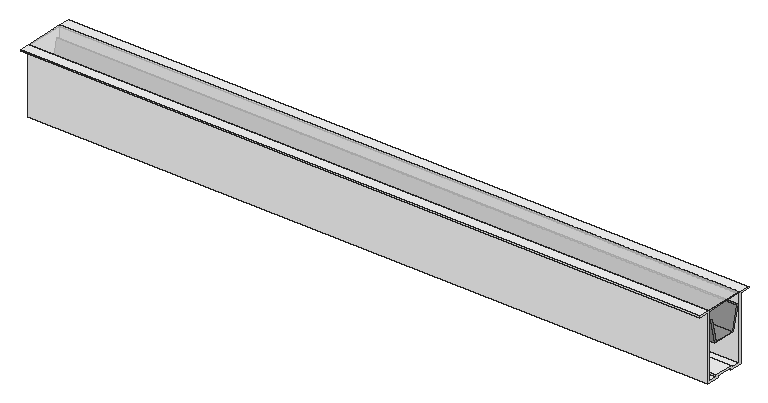
Revit family "2093164 Sylvania Lighting Fixture MC2 TRIM 0-9M 4K DALI WHT OPAL", category Lighting Fixtures, host Face, Revit 2016
Family settings
  Host = Face
  Part Type = Normal
  Round Connector Dimension = Use Diameter
  OmniClass Number = 23.80.70.11.17
  OmniClass Title = Specialized Lighting by Location or Use
  Cut with Voids When Loaded = No
  Light Source = Yes
  Shared = No
  Room Calculation Point = No
Parameters (values of type "2093164 MC2 TRIM 0.9M 4K DALI WHT OPAL")
  Width_SYL = 54.0 mm
  Weight = "1.8 kg"
  Wattage = 16 W
  WarrantyStartDate [instance] = "n/a"
  WarrantyGuarantorParts = "n/a"
  WarrantyDurationUnit = "n/a"
  WarrantyDurationParts = "n/a"
  WarrantyDescription = "n/a"
  built-in parameter 1150110 = 1 (stored number, unit not read)
  Voltage = 0 V
  URL = "http://www.sylvania-lighting.com"
  TypeName = "MC2 TRIM 0.9M 4K DALI WHT OPAL"
  built-in parameter 1114217 = 1 (stored number, unit not read)
  Tilt Angle = -90.00°
  built-in parameter 1150109 = 1 (stored number, unit not read)
  built-in parameter 1150134 = 12
  built-in parameter 1150113 = 1 (stored number, unit not read)
  SerialNumber [instance] = "n/a"
  PowerFactor = 0.95
  PowerConsumption = "16 W"
  NominalWidth = 0.0 mm
  NominalLength = 900.0 mm
  NominalHeight = 86.0 mm
  Name = "MC2 TRIM 0.9M 4K DALI WHT OPAL"
  ModelReference = "MC2 TRIM 0.9M 4K DALI WHT OPAL"
  ModelNumber = "2093164"
  Material_3_SYL = Metal_Sylvania_Mini Contiuum II_Silver
  Photometric Web File = "2093164.ies"
  Material = "aluminium housing, polycarbonate diffuser"
  ManufacturerName = "Feilo Sylvania"
  LuminousEfficacy = "112 lm/W"
  LuminaireType = ""
  LightOutputRatio = "100"
  Length_SYL = 900.0 mm
  LampsType = Lamp  # "LED"
  LampNominalLuminous = "1787 lm"
  LampMacAdamStep = "3"
  LampColourTemperature = "4000 K"
  LampColourRenderingIndex = "80"
  Keynote = "16500"
  InstallationDate [instance] = "n/a"
  InputVoltage = "n/a"
  InputNominalFrequency = "n/a"
  IngressProtection = "IP20"
  ImpactProtectionIndex = "n/a"
  IfcExportType = "IfcLightFixtureType"
  IfcExportAs = "IfcLightFixtureType"
  Height_SYL = 86.0 mm
  ExpectedLife = 50000
  EndCapRight_SYL [instance] = no
  EndCapLeft_SYL [instance] = no
  Emit from Rectangle Width = Width_SYL - 2.0 mm  # 52.0 mm
  Emit from Rectangle Length = Length_SYL  # 900.0 mm
  Emit Shape Visible in Rendering = no
  ElectricShockClassification = "Class I"
  DurationUnit = "hours"
  DocumentationLiterature = "http://www.sylvania-lighting.com/product/en-int/products/2093164"
  DimmingControlOptions = "n/a"
  CreatedOn = "10/15/2018"
  CreatedBy = "@sylvania-lighting.com"
  built-in parameter 1114216 [instance] = 1 (stored number, unit not read)
  Model = "MC2 TRIM 0.9M 4K DALI WHT OPAL"
  Manufacturer = "Feilo Sylvania"  # constant formula
  built-in parameter 1150105 = 142.6 (stored number, unit not read)
  Lumens = 1792 lm
  built-in parameter 1150115 = 1 (stored number, unit not read)
  built-in parameter 1150137 = (empty or 0)
  built-in parameter 1150139 = (empty or 0)
  built-in parameter 1150112 = 1 (stored number, unit not read)
  built-in parameter 1150114 = 1 (stored number, unit not read)
  Lamp = "LED"
  built-in parameter 1150132 = 2
  built-in parameter 1150102 = (empty or 0)
  built-in parameter 1150107 = 4000 (stored number, unit not read)
  built-in parameter 1150138 = (empty or 0)
  built-in parameter 1150106 = 1.426 (stored number, unit not read)
  Material_1_SYL = Metal_Sylvania_Mini Continuum II_White
  built-in parameter 1150104 = 10.405 (stored number, unit not read)
  Dimming Lamp Color Temperature Shift = <None>
  Material_2_SYL = Polycarbonate_Sylvania_Mini Continuum II_Opal_4000K
  Description = "Mini Continuum II introduces a uniquely clean, simple LED lighting system offering continuous, highly uniform lines of light across walls and ceilings. This highly versatile lighting tool can be recessed, semi-recessed, surface-mounted or suspended, either vertically or horizontally. Available as direct/indirect or direct only distribution - both of which can be interconnected. Every batten has a plug and socket arrangement for easy and rapid electrical installation. Mini Continuum II Direct is available in two versions: one with an outside trim detail for plasterboard ceilings; and a trimless version for when a seamless effect is required. Dimmable DALI versions and 3hr non-maintained integral emergency options are available as standard options"  # constant formula
  Default Elevation = 0.0 mm
  Color Filter = 16777215
  built-in parameter 1140040 [instance] = 1
  BarCode [instance] = "n/a"
  built-in parameter 1114218 = 1 (stored number, unit not read)
  built-in parameter 1150133 = 10 (stored number, unit not read)
  AssetType = "Fixed"
  AssetIdentifier [instance] = "n/a"
  Assembly Code = "D5020200"
  Apparent Load = 16 VA
Reference planes
  plane 1 "Center (Front/Back)": y = 0
  plane 2 "Bottom Fixtures": z = 0
  plane 3 "Center (Left/Right)": x = 0
  plane 4 "Fixture Left": x = -450
  plane 5 "Fixture Right": x = 450
  plane 6 "Fixture Bottom": z = 2
  plane 7: z = 0
  plane 8: z = -2
  plane 9: z = -11.049
  plane 10: z = -41.049
  plane 11 "Fixture Top": z = -84
  plane 12: y = 27
  plane 13: y = -27
  plane 14: y = -26
  plane 15: y = -25
  plane 16: y = 26
  plane 17: y = 25
  plane 18: y = 11
  plane 19: y = -11
  plane 20: y = 24
  plane 21: y = 22
  plane 22: y = -22
  plane 23: y = 15
  plane 24: y = -15
  plane 25: y = 40
  plane 26: y = -40
  plane 27: x = -452
  plane 28: x = 452
Forms (mm)
  Extrusion 1, solid, material "Metal_Sylvania_Mini Continuum II_White" <- "Material_1_SYL", detail levels fine
    sketch origin (0, 0, -84) x (0, 1, 0) y (0, 0, 1)
      loop
        line (27, 84) -> (40, 84) -> (40, 86) -> (26, 86) -> (26, 84) -> (25, 84) -> (25, 2) -> (13, 2) -> (13, 4) -> (-13, 4) -> (-13, 2) -> (-25, 2) -> (-25, 84) -> (-26, 84) -> (-26, 86) -> (-40, 86) -> (-40, 84) -> (-27, 84) -> (-27, 0) -> (-11, 0) -> (-11, 2) -> (11, 2) -> (11, 0) -> (27, 0) -> (27, 84)
    from -450 to 450
  Extrusion 2, solid, material "Polycarbonate_Sylvania_Mini Continuum II_Opal_4000K" <- "Material_2_SYL", detail levels fine
    sketch origin (0, 0, -84) x (0, 1, 0) y (0, 0, 1)
      loop
        line (-26, 86) -> (-26, 84) -> (26, 84) -> (26, 86) -> (-26, 86)
    from -450 to 450
  Extrusion 3, solid, material "Metal_Sylvania_Mini Contiuum II_Silver" <- "Material_3_SYL", detail levels fine
    sketch origin (0, 0, -84) x (0, 1, 0) y (0, 0, 1)
      loop
        line (22, 72.951) -> (20.973, 72.951) -> (14.206, 43.951) -> (-14.206, 43.951) -> (-20.973, 72.951) -> (-22, 72.951) -> (-15, 42.951) -> (15, 42.951) -> (22, 72.951)
    from -450 to 450
  Extrusion 4, solid, material "Metal_Sylvania_Mini Continuum II_White" <- "Material_1_SYL", detail levels coarse+medium
    sketch origin (0, 0, -84) x (0, 1, 0) y (0, 0, 1)
      loop
        line (-27, 86) -> (-27, 0) -> (27, 0) -> (27, 86) -> (-27, 86)
    from -450 to 450
  Extrusion 5, solid, material "Metal_Sylvania_Mini Continuum II_White" <- "Material_1_SYL", detail levels coarse+medium
    sketch origin (0, 0, -84) x (0, 1, 0) y (0, 0, 1)
      loop
        line (40, 86) -> (27, 86) -> (27, 84) -> (40, 84) -> (40, 86)
      loop
        line (-27, 86) -> (-40, 86) -> (-40, 84) -> (-27, 84) -> (-27, 86)
    from -450 to 450
  Extrusion 6, void
    sketch origin (0, 0, 0) x (0, 1, 0) y (0, 0, 1)
      loop
        line (27, 0) -> (-27, 0) -> (-27, -84) -> (27, -84) -> (27, 0)
    from -450 to 450
  Extrusion 7, solid, material "Metal_Sylvania_Mini Continuum II_White" <- "Material_1_SYL", visible <- "EndCapLeft_SYL"
    sketch origin (-450, 171.684, 1219.2) x (0, 1, 0) y (0, 0, 1)
      loop
        line (-198.684, -1219.2) -> (-198.684, -1303.2) -> (-144.684, -1303.2) -> (-144.684, -1219.2) -> (-131.684, -1219.2) -> (-131.684, -1217.2) -> (-211.684, -1217.2) -> (-211.684, -1219.2) -> (-198.684, -1219.2)
    from 0 to -2
  Extrusion 8, solid, material "Metal_Sylvania_Mini Continuum II_White" <- "Material_1_SYL", visible <- "EndCapRight_SYL"
    sketch origin (450, 171.684, 1219.2) x (0, 1, 0) y (0, 0, -1)
      loop
        line (-131.684, 1217.2) -> (-131.684, 1219.2) -> (-144.684, 1219.2) -> (-144.684, 1303.2) -> (-198.684, 1303.2) -> (-198.684, 1219.2) -> (-211.684, 1219.2) -> (-211.684, 1217.2) -> (-131.684, 1217.2)
    from 0 to -2
Lines and regions (mm)
  Masking region 1
    outline origin (0, 0, -86) x (-1, 0, 0) y (0, -1, 0)
      loop
        line (450, -40) -> (450, 40) -> (-450, 40) -> (-450, -40) -> (450, -40)
  symbolic lines, detail levels fine
    curve 1: line (-450, 27, -86) -> (450, 27, -86)
    curve 2: line (-450, -27, -86) -> (450, -27, -86)
Dimensions and locks
  host sketch curve to plane 3 "Center (Left/Right)" to host sketch curve = 1260.0 mm, 1259.41 mm
  equal spacing: plane 4 "Fixture Left", plane 3 "Center (Left/Right)", plane 5 "Fixture Right"
  "Length_SYL": plane 4 "Fixture Left" to plane 5 "Fixture Right"
  plane 6 "Fixture Bottom" to plane 7 to plane 8 to plane 9 to plane 10 = 2.0 mm locked, 2.0 mm locked, 9.049 mm locked, 30.0 mm locked
  locked: Extrusion 1 sketch curve to Extrusion 1 sketch curve at 2
  "Height_SYL": plane 6 "Fixture Bottom" to plane 11 "Fixture Top"
  equal spacing: plane 12, plane 1 "Center (Front/Back)", plane 13
  plane 19 to plane 24 to plane 22 to plane 15 to plane 14 to plane 13 to plane 26 = 4.0 mm locked, 7.0 mm locked, 3.0 mm locked, 1.0 mm locked, 1.0 mm locked, 13.0 mm locked
  plane 25 to plane 12 to plane 16 to plane 17 to plane 20 to plane 21 to plane 23 to plane 18 = 13.0 mm locked, 1.0 mm locked, 1.0 mm locked, 1.0 mm locked, 2.0 mm locked, 7.0 mm locked, 4.0 mm locked
  "Width_SYL": plane 12 to plane 13
  equal spacing: plane 27, plane 3 "Center (Left/Right)", plane 28
  locked: plane 27 to plane 4 "Fixture Left" at 2
  aligned and locked: plane 2 "Bottom Fixtures" to host face
  aligned and locked: level to host face
  aligned and locked: Extrusion 1 sketch curve to plane 7  (x2)
  aligned and locked: plane 6 "Fixture Bottom" to Extrusion 1 sketch curve  (x2)
  aligned and locked: plane 7 to Extrusion 1 sketch curve
  aligned and locked: Extrusion 1 to Extrusion 2 sketch curve
  aligned and locked: Extrusion 2 sketch curve to Extrusion 1  (x3)
  aligned and locked: Extrusion 3 sketch curve to plane 10
  aligned and locked: plane 9 to Extrusion 3 sketch curve
  aligned and locked: Extrusion 3 sketch curve to plane 9
  aligned and locked: Extrusion 4 sketch curve to plane 6 "Fixture Bottom"
  aligned and locked: Extrusion 5 sketch curve to Extrusion 1  (x6)
  aligned and locked: Extrusion 4 to Extrusion 5 sketch curve
  aligned and locked: Extrusion 5 sketch curve to Extrusion 4
  aligned and locked: Extrusion 1 to Extrusion 6 sketch curve
  aligned and locked: Extrusion 6 sketch curve to Extrusion 1
  aligned and locked: Extrusion 6 sketch curve to plane 11 "Fixture Top"
  aligned and locked: Extrusion 6 sketch curve to plane 13
  aligned and locked: Extrusion 6 to plane 5 "Fixture Right"
  aligned and locked: plane 6 "Fixture Bottom" to imposter light
  aligned and locked: Masking region 1 sketch curve to Extrusion 1  (x4)
  aligned and locked: plane 5 "Fixture Right" to curve 1
  aligned and locked: plane 4 "Fixture Left" to curve 1
  aligned and locked: plane 12 to curve 1
  aligned and locked: plane 4 "Fixture Left" to curve 2
  aligned and locked: plane 5 "Fixture Right" to curve 2
  aligned and locked: curve 2 to plane 13
  aligned and locked: Extrusion 4 to plane 5 "Fixture Right"
  aligned and locked: Extrusion 1 to plane 5 "Fixture Right"
  aligned and locked: Extrusion 3 to plane 5 "Fixture Right"
  aligned and locked: Extrusion 4 to plane 4 "Fixture Left"
  aligned and locked: Extrusion 1 to plane 4 "Fixture Left"
  aligned and locked: Extrusion 3 to plane 4 "Fixture Left"
  aligned and locked: Extrusion 2 to plane 5 "Fixture Right"
  aligned and locked: Extrusion 5 to plane 5 "Fixture Right"
  aligned and locked: Extrusion 5 to plane 4 "Fixture Left"
  aligned and locked: Extrusion 2 to plane 4 "Fixture Left"
  aligned and locked: Extrusion 6 to plane 4 "Fixture Left"
  aligned and locked: Extrusion 4 to Extrusion 7 sketch curve
  aligned and locked: Extrusion 7 sketch curve to Extrusion 4  (x2)
  aligned and locked: Extrusion 7 sketch curve to Extrusion 5  (x4)
  aligned and locked: plane 6 "Fixture Bottom" to Extrusion 7 sketch curve
  aligned and locked: Extrusion 7 to plane 27
  aligned and locked: plane 4 "Fixture Left" to Extrusion 7
  aligned and locked: Extrusion 8 sketch curve to Extrusion 7  (x8)
  aligned and locked: plane 28 to Extrusion 8
  aligned and locked: plane 5 "Fixture Right" to Extrusion 8
Automatic sketch dimensions
  host sketch curve to host sketch curve = 1047.463 mm
  Extrusion 1 sketch curve to plane 26 = 0.0 mm
  Extrusion 1 sketch curve to plane 13 = 0.0 mm
  Extrusion 1 sketch curve to plane 14 = 0.0 mm
  Extrusion 1 sketch curve to plane 15 = 0.0 mm
  Extrusion 1 sketch curve to plane 19 = 0.0 mm
  Extrusion 1 sketch curve to plane 18 = 0.0 mm
  Extrusion 1 sketch curve to plane 17 = 0.0 mm
  Extrusion 1 sketch curve to plane 16 = 0.0 mm
  Extrusion 1 sketch curve to level = 0.0 mm
  Extrusion 1 sketch curve to plane 12 = 0.0 mm
  Extrusion 1 sketch curve to plane 25 = 0.0 mm
  Extrusion 1 sketch curve to plane 11 "Fixture Top" = 0.0 mm  (x2)
  Extrusion 1 sketch curve to plane 19 = 2.0 mm
  Extrusion 1 sketch curve to plane 18 = 2.0 mm
  plane 11 "Fixture Top" to Extrusion 1 sketch curve = 2.0 mm  (x3)
  Extrusion 3 sketch curve to plane 22 = 0.0 mm
  Extrusion 3 sketch curve to plane 24 = 0.0 mm
  Extrusion 3 sketch curve to plane 23 = 0.0 mm
  Extrusion 3 sketch curve to plane 21 = 0.0 mm
  plane 10 to Extrusion 3 sketch curve = 1.0 mm
  Extrusion 3 sketch curve to Extrusion 3 sketch curve = 1.027 mm  (x2)
  plane 24 to Extrusion 3 sketch curve = 0.794 mm
  plane 23 to Extrusion 3 sketch curve = 0.794 mm
  Extrusion 4 sketch curve to plane 11 "Fixture Top" = 0.0 mm
  Extrusion 4 sketch curve to plane 13 = 0.0 mm
  Extrusion 4 sketch curve to plane 12 = 0.0 mm
Connectors
  electrical at (-450, 0, 0), driven by "Apparent Load"
    settings: index 1, voltage 230 V, apparent load 0 VA, apparent load phase1 16 VA, apparent load phase2 0 VA, apparent load phase3 0 VA, power factor 1, load classification "Lighting", number of poles 1, system type 31, power factor state 1, is connector primary yes, connector utility no, sub classification motor no, connector description ""
